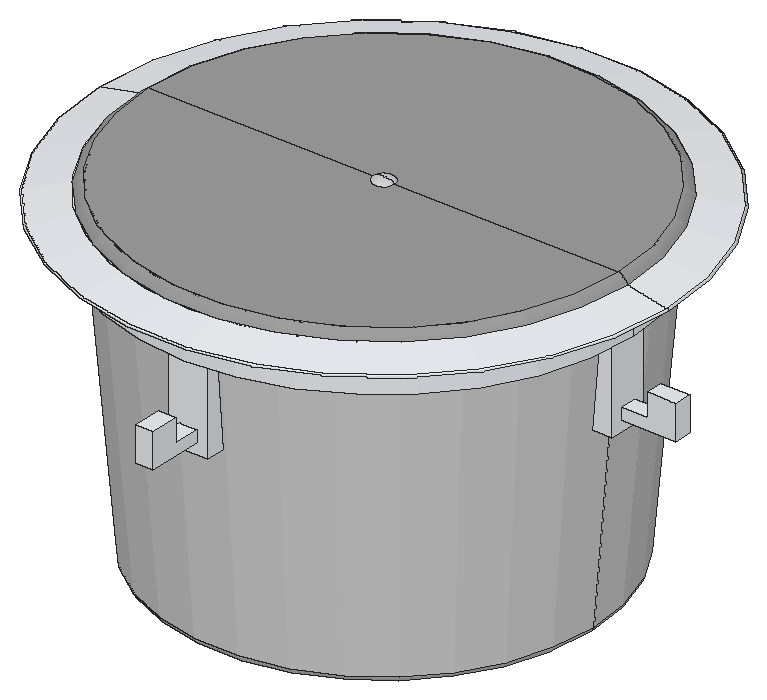
Revit family "FAP62T-UL2043", category Communication Devices, Revit 2014
Parameters (values of type "Two Way, Full Range, Coaxial Ceiling Loudspeaker")
  Width = 12.50"
  Warranty = "5 Year"
  Vertical Symmetry = yes
  URL = "www.atlassound.com"
  Transformer Option = yes
  Specification by User (default) = "TBD"
  Speaker Type = "S1"
  Speaker Listening Height [instance] = 30.00"
  Speaker Height [instance] = 120.00"
  Speaker Dispersion = 110.00°
  Speaker Cone Visible [instance] = no
  Speaker Cone Height [instance] = (Speaker Height - Speaker Listening Height)  # 90.00"
  Sensitivity = 88
  ScheduleType |RF| = "AtlasIED Master"
  Safety Agency Ratings = "UL Listed to Comply with UL1480, UL2043 and CSA60065. Suitable for Use in Air Handling Spaces per NFPA 70 and NFPA 90"
  SPL Max = 107
  Regulatory Compliance = "UL Listed to Comply with UL1480, UL2043 and CSA60065. Suitable for Use in Air Handling Spaces per NFPA 70 and NFPA 90"
  Radius of Speaker Cone [instance] = (Speaker Cone Height) * tan(Speaker Dispersion / 2)  # 128.53332"
  Product Page URL = "https://www.atlasied.com/fap62t-ul2043"
  Power Rating (RMS) = "50 Watts"
  OmniClass Title = "SPEAKERS"
  OmniClass Number = "23-37 17 13 19"
  Mount Material = QF_Plastic - White - Smooth
  Model = "FAP62T-UL2043"
  MaterFormat Title = "SPEAKERS"
  MasterFormat = "27 41 13"
  Market = "Commercial, Higher Education, Emergency"
  Manufacturer URL = "https://www.atlasied.com/"
  Manufacturer Phone = "(800) 876 - 3333"
  Manufacturer Email = "support@atlasied.com"
  Manufacturer Address = "4545 E. Baseline Rd., Phoenix, AZ 85042"
  Manufacturer = "ATLAS SOUND"
  Ingress Protection = "IP-21"
  Impedance = 8
  IQ Category = "SPEAKERS"
  Height = 8.48"
  Grill Material = QF_Plastic - Black - Matte
  Frequency Response  = "63Hz – 20kHz"
  Family Version [instance] = "2017-01"
  Family Code (default) = "LOUD SPEAKERS"
  Extended Low Frequency Response = "285 cubic Inch Optimally Tuned"
  Enclosure Material = none
  Dispersion Angle = 110.00°
  Description = "6\" COAXIAL IN-CEILING LOUDSPEAKER WITH 32-WATT 70/100V TRANSFORMER, PORTED ENCLOSURE, AND UL2043 CERTIFICATION"
  Depth = 12.50"
  Coverage Vertical = 110.00°
  Coverage Horizontal = 110.00°
  Coverage = "Add coverage view"
  Cost MSRP = 0
  Cost = 0
  Controls = "Front Mounted Tap Selector Switch."
  Color = none
  Body Material = QF_Metal - Stainless - Polished
  Baffle Material = none
  70V Taps = "2, 4, 8, 16, and 32 Watts  & 8Ω"
  100V Taps = "2, 4, 8, 16, and 32 Watts  & 8Q Bypass. Primary taps (@70.7V)"
Reference planes (in)
  plane 1 "Center (Front/Back)": y = 0
  plane 2: z = 0
  plane 3 "Center (Left/Right)": x = 0
  plane 4: z = 0.55
  plane 5: z = -8.48
  plane 6: z = 0.38172
  plane 7: z = -0.75
  plane 8: z = -12.5
  plane 9: x = 6.25
  plane 10: x = -6.25
  plane 11: y = -6.25
  plane 12: x = -5.5
  plane 13: x = 5.5
Forms (in)
  Revolve 1, solid, material "QF_Plastic - White - Smooth" <- "Mount Material"
    sketch origin (0, 0, 0) x (1, 0, 0) y (0, 0, 1)
      loop
        line (-6.25, 0) -> (-5.5, 0) -> (-5.5, -0.75) -> (0, -0.75) -> (0, 0.21227) -> (-5.36069, 0.21227)
        arc (-5.36069, 0.21227) -> (-5.7924, 0.12916) -> (-6.22241, 0.03769) r 22.63754
        arc (-6.22241, 0.03769) -> (-6.2433, 0.02404) -> (-6.25, 0) r 0.03543
      axis (0, 0.21227) -> (0, -0.75)
    angle from 0 to 360
  Revolve 2, solid, material "QF_Plastic - Black - Matte" <- "Grill Material"
    sketch origin (0, 0, 0) x (1, 0, 0) y (0, 0, 1)
      loop
        line (0, 0.21227) -> (0, 0.38172) -> (0, 0.45737)
        arc (0, 0.45737) -> (-0.12114, 0.44524) -> (-0.225, 0.38172) r 0.27343
        line (-0.225, 0.38172) -> (-5.15874, 0.38172)
        arc (-5.15874, 0.38172) -> (-5.27452, 0.31463) -> (-5.36069, 0.21227) r 0.38882
        line (-5.36069, 0.21227) -> (0, 0.21227)
      axis (0, 0.45737) -> (0, 0.21227)
    angle from 0 to 360
  Revolve 3, solid, material "QF_Metal - Stainless - Polished" <- "Body Material"
    sketch origin (0, 0, 0) x (1, 0, 0) y (0, 0, 1)
      loop
        line (0, -0.75) -> (-5.13407, -0.75) -> (-4.60413, -6.80722)
        arc (-4.60413, -6.80722) -> (-4.53123, -6.91439) -> (-4.41447, -6.97065) r 0.25
        arc (-4.41447, -6.97065) -> (-3.11074, -7.15145) -> (-1.79556, -7.20384) r 13.43767
        line (-1.79556, -7.20384) -> (0, -7.20384) -> (0, -0.75)
      axis (0, -0.75) -> (0, -7.20384)
    angle from 0 to 360
  Extrusion 4, solid, material "QF_Plastic - White - Smooth"
    sketch origin (0, 0, -0.75) x (0, 1, 0) y (1, 0, 0)
      loop
        line (0.40934, -5.36067) -> (0.40934, -4.94657) -> (-0.44066, -4.94657) -> (-0.44066, -5.36067) -> (0.40934, -5.36067)
      loop
        line (-5.36069, 0.41845) -> (-5.36069, -0.43155) -> (-4.94329, -0.43155) -> (-4.94329, 0.41845) -> (-5.36069, 0.41845)
      loop
        line (5.36069, 0.41845) -> (4.94329, 0.41845) -> (4.94329, -0.43155) -> (5.36069, -0.43155) -> (5.36069, 0.41845)
      loop
        line (0.40934, 5.36067) -> (-0.44066, 5.36067) -> (-0.44066, 4.94657) -> (0.40934, 4.94657) -> (0.40934, 5.36067)
    from 0 to 1.85886
  Extrusion 5, solid, material "QF_Plastic - White - Smooth"
    sketch origin (-4.98709, -0.44066, -0.75) x (-1, 0, 0) y (0, 0, -1)
      loop
        line (1.59203, 1.61) -> (0.37358, 1.61) -> (0.37358, 1.36) -> (0.96703, 1.36) -> (0.96703, 0.86) -> (1.59203, 0.86) -> (1.59203, 1.61)
      loop
        line (-11.56621, 1.61) -> (-11.56621, 0.86) -> (-10.94121, 0.86) -> (-10.94121, 1.36) -> (-10.34776, 1.36) -> (-10.34776, 1.61) -> (-11.56621, 1.61)
    from -0.2375 to -0.6125
  Extrusion 6, solid, material "QF_Plastic - White - Smooth"
    sketch origin (-0.425, 3.7673, -0.75) x (0, 1, 0) y (0, 0, -1)
      loop
        line (-10.34576, 1.61) -> (-10.34576, 0.86) -> (-9.72076, 0.86) -> (-9.72076, 1.36) -> (-9.1273, 1.36) -> (-9.1273, 1.61) -> (-10.34576, 1.61)
      loop
        line (2.81115, 1.61) -> (1.5927, 1.61) -> (1.5927, 1.36) -> (2.18615, 1.36) -> (2.18615, 0.86) -> (2.81115, 0.86) -> (2.81115, 1.61)
    from -0.2375 to -0.6125
  Extrusion 7, solid, material "QF_Metal - Stainless - Polished"
    sketch origin (-6.66586, -180, -8.48) x (-1, 0, 0) y (0, -1, 0)
      loop
        arc (-4.43618, -177.65197) -> (-6.65155, -176.73434) -> (-8.86692, -177.65197) r 3.133
        line (-8.86692, -177.65197) -> (-7.28455, -179.23434) -> (-6.01855, -179.23434) -> (-4.43618, -177.65197)
    from 1.37374 to 1.27559
  Extrusion 8, solid, material "QF_Metal - Stainless - Polished"
    sketch origin (0.36869, -0.76566, -8.48) x (-1, 0, 0) y (0, 0, 1)
      loop
        line (1.016, 1.27559) -> (-0.26405, 1.27559) -> (-0.26405, 0.25)
        arc (-0.26405, 0.25) -> (-0.19083, 0.07322) -> (-0.01405, 0) r 0.25
        line (-0.01405, 0) -> (0.766, 0)
        arc (0.766, 0) -> (0.94278, 0.07322) -> (1.016, 0.25) r 0.25
        line (1.016, 0.25) -> (1.016, 1.27559)
      loop
        circle (0.37645, 0.37996) r 0.25
    from 0 to 0.13
  Extrusion 9, solid, material "QF_Metal - Stainless - Polished"
    sketch origin (-6.66586, -180, -7.20441) x (0, -1, 0) y (-1, 0, 0)
      loop
        line (-177.87354, -5.91901) -> (-177.86412, -7.41908) -> (-176.74282, -7.4121) -> (-176.75224, -5.91214) -> (-177.87354, -5.91901)
      loop
        line (-178.06464, -7.43003) -> (-178.07418, -5.91139) -> (-178.8591, -5.98561) -> (-178.85043, -7.36558) -> (-178.06464, -7.43003)
    from 0 to 0.13
  Blend 10, solid, material "Glass", visible <- "Speaker Cone Visible"
    base sketch origin (0, 0, 0) x (1, 0, 0) y (0, 1, 0)
      loop
        circle (0, 0.09521) r 128.53332
    top sketch origin (0, 0, 0) x (1, 0, 0) y (0, 1, 0)
      loop
        circle (0, 0.09521) r 0.13513
    from 90 <- "Speaker Cone Height" to 0
  Blend 11, solid, material "Glass", visible <- "Speaker Cone Visible"
    base sketch origin (0, 0, 0) x (1, 0, 0) y (0, 1, 0)
      loop
        circle (0, 0.09521) r 128.53332
    top sketch origin (0, 0, 0) x (1, 0, 0) y (0, 1, 0)
      loop
        circle (0, 0.09521) r 0.13513
    from 90 <- "Speaker Cone Height" to 0
Lines and regions (in)
  symbolic lines
    curve 1: circle (0, 0, 0) r 6.25 normal (0, 0, 1)
    curve 2: circle (0, 0, 0) r 0.225 normal (0, 0, 1)
    curve 3: circle (0, 0, 0) r 5.36069 normal (0, 0, 1)
  symbolic lines, style "Sound Projection Average", visible <- "Speaker Cone Visible"
    curve 4: circle (0, 0.09521, 0) r 128.53332 normal (0, 0, 1)
Dimensions and locks (in)
  "Height": plane 2 to plane 5
  level to plane 7 = 0.75"
  plane 2 to plane 8 = 12.50"
  plane 13 to plane 12 = 11.00"
  "Width": plane 10 to plane 9
  "Radius of Speaker Cone": radius of Blend 10 sketch curve
  "Radius of Speaker Cone": radius of Blend 11 sketch curve
  aligned and locked: plane 2 to level
  aligned and locked: curve 4 to Blend 11
Automatic sketch dimensions
  Revolve 1 sketch curve to level = 0.00"
  plane 10 to Revolve 1 sketch curve = 0.00"
  plane 12 to Revolve 1 sketch curve = 0.00"
  Revolve 1 sketch curve to plane 3 "Center (Left/Right)" = 0.00"  (x2)
  Revolve 1 sketch curve to plane 7 = 0.00"
  level to Revolve 1 sketch curve = 0.00311"
  Revolve 1 sketch curve to plane 10 = 0.0353"
  Revolve 1 sketch curve to plane 12 = 0.13931"
  Revolve 1 sketch curve to plane 3 "Center (Left/Right)" = 1.29765"
  Revolve 1 sketch curve to plane 8 = 9.55766"
  Revolve 1 sketch curve to plane 6 = 0.16946"
  Revolve 1 sketch curve to plane 4 = 2.31194"
  Revolve 1 sketch curve to Revolve 1 sketch curve = 0.25"
  Revolve 2 sketch curve to plane 6 = 0.00"  (x2)
  Revolve 2 sketch curve to plane 3 "Center (Left/Right)" = 0.00"  (x2)
  Revolve 2 sketch curve to plane 3 "Center (Left/Right)" = 0.034"
  Revolve 2 sketch curve to Revolve 2 sketch curve = 0.225"
  level to Revolve 2 sketch curve = 0.01678"
  Revolve 2 sketch curve to plane 12 = 0.47541"
  Revolve 2 sketch curve to plane 12 = 0.34126"
  Revolve 2 sketch curve to plane 12 = 0.13931"
  Revolve 2 sketch curve to Revolve 2 sketch curve = 0.0262"
  Revolve 2 sketch curve to plane 4 = 2.31194"
  Revolve 2 sketch curve to Revolve 2 sketch curve = 0.25"
  Revolve 3 sketch curve to plane 7 = 0.00"
  Revolve 3 sketch curve to plane 3 "Center (Left/Right)" = 0.00"  (x2)
  Revolve 3 sketch curve to Revolve 3 sketch curve = 1.79556"
  Revolve 3 sketch curve to plane 3 "Center (Left/Right)" = 1.91891"
  Revolve 3 sketch curve to plane 12 = 1.13196"
  Revolve 3 sketch curve to Revolve 3 sketch curve = 0.23609"
  Revolve 3 sketch curve to plane 12 = 0.36593"
  plane 5 to Revolve 3 sketch curve = 1.755"
  Revolve 3 sketch curve to Revolve 3 sketch curve = 0.08223"
  plane 5 to Revolve 3 sketch curve = 1.27616"
  Revolve 3 sketch curve to plane 4 = 5.68326"
  Revolve 3 sketch curve to plane 4 = 2.31194"
  Revolve 3 sketch curve to Revolve 3 sketch curve = 0.25"
  Extrusion 4 sketch curve to Revolve 1 = 5.36069"
  Extrusion 4 sketch curve to Extrusion 4 sketch curve = 0.4174"  (x2)
  Extrusion 4 sketch curve to Revolve 1 = 0.44066"  (x2)
  Revolve 1 to Extrusion 4 sketch curve = 0.40934"  (x2)
  Revolve 1 to Extrusion 4 sketch curve = 4.94329"
  Extrusion 4 sketch curve to Extrusion 4 sketch curve = 0.4141"  (x2)
  Extrusion 4 sketch curve to Extrusion 4 sketch curve = 4.52812"  (x2)
  Extrusion 4 sketch curve to Extrusion 4 sketch curve = 0.85"  (x2)
  Extrusion 4 sketch curve to Extrusion 4 sketch curve = 4.51502"
  Extrusion 4 to Extrusion 5 sketch curve = 0.00"
  Extrusion 4 to Extrusion 5 sketch curve = 0.24886"  (x2)
  Extrusion 5 sketch curve to Extrusion 4 = 10.30724"
  Extrusion 5 sketch curve to Extrusion 5 sketch curve = 0.59345"  (x2)
  Extrusion 5 sketch curve to Extrusion 5 sketch curve = 0.625"  (x2)
  Extrusion 5 sketch curve to Extrusion 5 sketch curve = 0.25"  (x2)
  Extrusion 5 sketch curve to Extrusion 5 sketch curve = 0.75"
  Extrusion 5 sketch curve to Extrusion 5 sketch curve = 0.50"
  Extrusion 6 sketch curve to plane 11 = 0.32845"
  plane 11 to Extrusion 6 sketch curve = 0.29655"
  Extrusion 6 sketch curve to Extrusion 6 sketch curve = 0.59345"  (x2)
  Extrusion 6 sketch curve to plane 7 = 1.61"  (x2)
  Extrusion 6 sketch curve to plane 1 "Center (Front/Back)" = 5.36"
  Extrusion 6 sketch curve to Extrusion 6 sketch curve = 0.625"
  Extrusion 6 sketch curve to Extrusion 6 sketch curve = 0.25"  (x2)
  Extrusion 6 sketch curve to Extrusion 6 sketch curve = 0.75"
  Extrusion 6 sketch curve to Extrusion 6 sketch curve = 0.50"
  plane 3 "Center (Left/Right)" to Extrusion 7 sketch curve = 2.20105"
  plane 3 "Center (Left/Right)" to Extrusion 7 sketch curve = 0.61869"
  Extrusion 7 sketch curve to plane 3 "Center (Left/Right)" = 0.01431"
  Extrusion 7 sketch curve to plane 3 "Center (Left/Right)" = 0.64731"
  Extrusion 7 sketch curve to plane 3 "Center (Left/Right)" = 2.22968"
  plane 1 "Center (Front/Back)" to Extrusion 7 sketch curve = 0.13266"
  plane 1 "Center (Front/Back)" to Extrusion 7 sketch curve = 0.76566"
  Extrusion 7 sketch curve to Extrusion 7 sketch curve = 1.58237"
  Extrusion 8 sketch curve to Extrusion 7 = 0.00"  (x2)
  Extrusion 8 sketch curve to Extrusion 8 sketch curve = 0.25"
  Extrusion 8 sketch curve to Extrusion 8 sketch curve = 0.38955"
  Extrusion 7 to Extrusion 8 sketch curve = 0.23595"
  Extrusion 8 sketch curve to Extrusion 7 = 0.01405"
  Extrusion 8 sketch curve to Extrusion 7 = 0.89562"
  Extrusion 8 sketch curve to Extrusion 8 sketch curve = 0.12996"
  Extrusion 7 to Extrusion 9 sketch curve = 0.37524"
  Extrusion 7 to Extrusion 9 sketch curve = 0.38391"
  Extrusion 9 sketch curve to Extrusion 9 sketch curve = 0.78492"
  Extrusion 9 sketch curve to Extrusion 9 sketch curve = 0.78579"
  Extrusion 9 sketch curve to Extrusion 9 sketch curve = 0.20064"
  Extrusion 9 sketch curve to Extrusion 9 sketch curve = 0.20052"
  Extrusion 9 sketch curve to Extrusion 9 sketch curve = 1.1213"  (x2)
  Extrusion 7 to Extrusion 9 sketch curve = 0.74459"
  Extrusion 9 sketch curve to Extrusion 9 sketch curve = 0.00075"
  Extrusion 9 sketch curve to Extrusion 9 sketch curve = 0.00762"
  Extrusion 9 sketch curve to Extrusion 9 sketch curve = 0.07422"
  Extrusion 9 sketch curve to Extrusion 9 sketch curve = 1.37997"
  Extrusion 9 sketch curve to Extrusion 9 sketch curve = 1.49996"
  Extrusion 9 sketch curve to Extrusion 9 sketch curve = 0.05349"
  Extrusion 9 sketch curve to Extrusion 9 sketch curve = 0.01095"
  Blend 10 sketch curve to plane 3 "Center (Left/Right)" = 0.00"  (x2)
  Blend 10 sketch curve to plane 1 "Center (Front/Back)" = 0.09521"  (x2)
  Blend 11 sketch curve to plane 3 "Center (Left/Right)" = 0.00"  (x2)
  Blend 11 sketch curve to plane 1 "Center (Front/Back)" = 0.09521"  (x2)
  curve 1 to curve 2 = 0.00"  (x2)
  curve 1 to curve 3 = 0.00"  (x2)
  plane 1 "Center (Front/Back)" to curve 2 = 0.00"
  curve 2 to plane 3 "Center (Left/Right)" = 0.00"
  radius of Extrusion 8 sketch curve = 0.25"
  radius of Blend 10 sketch curve = 0.13513"
  radius of Blend 11 sketch curve = 0.13513"
  radius of curve 1 = 6.25"
  radius of curve 2 = 0.225"
  radius of curve 3 = 5.36069"
Nested families (in)
  nested 1: "Speaker Annotation" at (0, 0, 0), Speaker Type <- "Speaker Type", type "Data Annotation"
    with Speaker Type "S1"
Definition of nested family "Speaker Annotation"
  Parameters (values of type "Data Annotation")
    Speaker Type [instance] = ""
  Reference planes (in)
    plane 1: y = 0
    plane 2: x = 0
  Lines and regions (in)
    detail lines, style "Data Device"
      curve 1: circle (-0.00295, 0.00032, 0) r 0.09489 normal (0, 0, 1)
  Text (in)
    label "S1" at (0.00193, -0.00496, 0), shows "Speaker Type"
